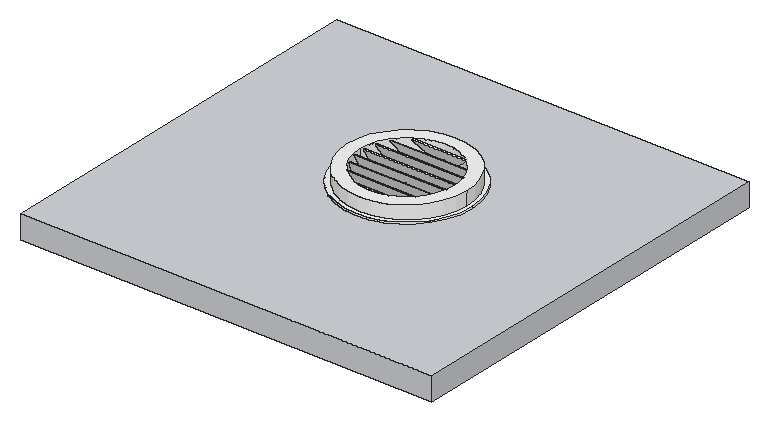
Revit family "111113001403001", category Modelos genéricos, Revit 2018
Family settings
  Anfitrión = Cara
  Puede alojar armadura = No
  Cota de conector redondo = Diámetro de uso
  Tipo de pieza = Normal
  Corte con vacíos al cargar = No
  Compartido = No
  Punto de cálculo de habitación = No
Parameters (values of type "CELOSIA SIDING CIRCULAR PE 40.6CM BLANCO")
  Ventajas = ""
  Uso = "Se utiliza como ventilación para las cumbreras y construcciones con Revestimiento\r\nVinílico (Siding)"
  Url Ficha tecnica = "https://empresascnp.cl/wp-content/uploads//pdf/ficha-tecnica-celosia-siding-circular-pe-40-6cm-blanco.pdf"
  Unidad = "Por unidad"
  URL = "https://www.empresascnp.cl/"
  Num SKUs = "111113001403001"
  Nombre SKU = "CELOSIA SIDING CIRCULAR PE 40.6CM BLANCO"
  Model = "CELOSIA SIDING CIRCULAR"
  Material = PP Blanco
  Largo = 406.00 mm
  Espesor = 1.00 mm
  Empresa = "CNP SPA."
  Elevación por defecto = 1000.00 mm
  Dureza = ""
  Dimension = 406.00 mm
  Description = ""
  Assembly Code = ""
  Contacto = "info@empresascnp.cl"
  Color = "Blanco"
  Aplicacion = ""
Reference planes
  plane 1: z = 0
  plane 2 "level above": z = 15
  plane 3 "level below": z = -50
  plane 4 "izq": x = -176.738
  plane 5: y = 105.02
  plane 6: x = -1.738
  plane 7: x = 8.262
  plane 8: x = -11.738
  plane 9: y = -19.98
  plane 10 "2": x = 173.262
Forms (mm)
  Extrusion 1, solid
    sketch origin (0, 0, 0) x (1, 0, 0) y (0, 1, 0)
      loop
        line (-644.525, 571.5) -> (-644.525, -666.75) -> (644.525, -666.75) -> (644.525, 571.5) -> (-644.525, 571.5)
    from 0 to -72.672
  Revolve 2, void, not visible
    sketch origin (-150.829, 0, 5) x (-1, 0, 0) y (0, 1, 0)
      loop
        line (-149.164, 92.939) -> (-149.164, 94.562) -> (-184.164, 94.562) -> (-184.164, 77.939) -> (-164.164, 77.939)
        arc (-164.164, 77.939) -> (-159.771, 88.545) -> (-149.164, 92.939) r 15
      axis (-149.164, 94.562) -> (-149.164, 77.939)
    angle from 0 to -90
  Extrusion 3, solid, not visible
    sketch origin (-176.738, 0, 5) x (0, 1, 0) y (0, 0, 1)
      loop
        line (77.939, 15) -> (77.939, 0) -> (92.939, 0)
        arc (92.939, 0) -> (88.545, 10.607) -> (77.939, 15) r 15
    from 12.574 to 190.074
  Revolve 4, void, not visible
    sketch origin (0, 0, 5) x (1, 0, 0) y (0, 1, 0)
      loop
        line (-149.164, 92.939) -> (-149.164, 94.493) -> (-184.164, 94.493) -> (-184.164, 77.939) -> (-164.164, 77.939)
        arc (-164.164, 77.939) -> (-159.771, 88.545) -> (-149.164, 92.939) r 15
      axis (-149.164, 94.493) -> (-149.164, 77.939)
    angle from 0 to -90
  Extrusion 5, solid, material "PP Blanco" <- "Material"
    sketch origin (66.142, -658.985, -15) x (1, 0, 0) y (0, 1, 0)
      loop
        line (-70.397, 853.101) -> (-70.397, 553.101) -> (-65.397, 553.101) -> (-65.397, 853.101) -> (-70.397, 853.101)
    from 15 to 20
  Extrusion 6, solid, material "PP Blanco" <- "Material"
    sketch origin (-100.628, 171.13, 25.675) x (1, 0, 0) y (0, 0.48481, -0.87462)
      loop
        line (-5.902, 24.811) -> (-5.902, -18.126) -> (206.18, -18.126) -> (206.18, 24.811) -> (-5.902, 24.811)
    from 1.407 to 3.994
  Extrusion 7, solid, material "PP Blanco" <- "Material"
    sketch origin (50.391, 147.088, -15) x (1, 0, 0) y (0, 1, 0)
      loop
        circle (-52.129, -103.18) r 203
      loop
        circle (-52.129, -103.18) r 188
    from 15 to 20
  Extrusion 8, solid, material "PP Blanco" <- "Material"
    sketch origin (50.391, 147.088, -15) x (1, 0, 0) y (0, 1, 0)
      loop
        circle (-52.129, -103.18) r 188
      loop
        circle (-52.129, -103.18) r 148
    from 15 to 60
  Extrusion 9, void
    sketch origin (50.391, 147.088, -15) x (1, 0, 0) y (0, 1, 0)
      loop
        circle (-52.129, -103.18) r 188
      loop
        circle (-52.129, -103.18) r 148
    from 15 to 60
  Extrusion 10, solid, material "PP Blanco" <- "Material"
    sketch origin (-100.628, -88.87, 25.675) x (1, 0, 0) y (0, 0.48481, -0.87462)
      loop
        line (-14.796, 24.811) -> (-14.796, -18.126) -> (206.18, -18.126) -> (206.18, 24.811) -> (-14.796, 24.811)
    from 1.407 to 3.994
  Extrusion 11, solid, material "PP Blanco" <- "Material"
    sketch origin (-100.628, 133.988, 25.675) x (1, 0, 0) y (0, 0.48481, -0.87462)
      loop
        line (-41.873, 24.811) -> (-41.873, -18.126) -> (239.098, -18.126) -> (239.098, 24.811) -> (-41.873, 24.811)
    from 1.407 to 3.994
  Extrusion 12, solid, material "PP Blanco" <- "Material"
    sketch origin (-100.628, 96.845, 25.675) x (1, 0, 0) y (0, 0.48481, -0.87462)
      loop
        line (-60.247, 24.811) -> (-60.247, -18.126) -> (255.625, -18.126) -> (255.625, 24.811) -> (-60.247, 24.811)
    from 1.407 to 3.994
  Extrusion 13, solid, material "PP Blanco" <- "Material"
    sketch origin (-100.628, 59.702, 25.675) x (1, 0, 0) y (0, 0.48481, -0.87462)
      loop
        line (-60.247, 24.811) -> (-60.247, -18.126) -> (255.625, -18.126) -> (255.625, 24.811) -> (-60.247, 24.811)
    from 1.407 to 3.994
  Extrusion 14, solid, material "PP Blanco" <- "Material"
    sketch origin (-100.628, 22.559, 25.675) x (1, 0, 0) y (0, 0.48481, -0.87462)
      loop
        line (-60.247, 24.811) -> (-60.247, -18.126) -> (255.625, -18.126) -> (255.625, 24.811) -> (-60.247, 24.811)
    from 1.407 to 3.994
  Extrusion 15, solid, material "PP Blanco" <- "Material"
    sketch origin (-100.628, -14.584, 25.675) x (1, 0, 0) y (0, 0.48481, -0.87462)
      loop
        line (-60.247, 24.811) -> (-60.247, -18.126) -> (255.625, -18.126) -> (255.625, 24.811) -> (-60.247, 24.811)
    from 1.407 to 3.994
  Extrusion 16, solid, material "PP Blanco" <- "Material"
    sketch origin (-100.628, -51.727, 25.675) x (1, 0, 0) y (0, 0.48481, -0.87462)
      loop
        line (-41.873, 24.811) -> (-41.873, -18.126) -> (239.098, -18.126) -> (239.098, 24.811) -> (-41.873, 24.811)
    from 1.407 to 3.994
Cuts and joins
  Extrusion 9 cuts Extrusion 6
  Extrusion 9 cuts Extrusion 11
  Extrusion 9 cuts Extrusion 12
  Extrusion 9 cuts Extrusion 13
  Extrusion 9 cuts Extrusion 14
  Extrusion 9 cuts Extrusion 15
  Extrusion 9 cuts Extrusion 16
  Extrusion 9 cuts Extrusion 10
Lines and regions (mm)
  model lines, not visible
    curve 1: line (-164.164, 92.939, 0) -> (13.336, 92.939, 0)
    curve 2: line (13.336, 92.939, 0) -> (13.336, 77.939, 0)
    curve 3: line (13.336, 77.939, 0) -> (-164.164, 77.939, 0)
    curve 4: line (-164.164, 77.939, 0) -> (-164.164, 92.939, 0)
Dimensions and locks
  locked: plane 2 "level above" to level at 15
  locked: level to plane 3 "level below" at 50
  plane 9 to plane 5 = 125.00 mm
  equal spacing: plane 4 "izq", plane 6, plane 10 "2"
  plane 8 to plane 6 to plane 7 = 10.00 mm locked, 10.00 mm locked
  aligned and locked: plane 1 to Extrusion 1
  aligned and locked: level to Extrusion 1
Automatic sketch dimensions
  Extrusion 1 sketch curve to Extrusion 1 sketch curve = 1289.05 mm
  Extrusion 1 sketch curve to Extrusion 1 sketch curve = 1238.25 mm
  Extrusion 7 sketch curve to plane 10 "2" = 175.00 mm
  Extrusion 7 sketch curve to plane 9 = 63.888 mm
  Extrusion 7 sketch curve to Extrusion 7 sketch curve = 0.00 mm  (x2)
  Extrusion 8 sketch curve to plane 10 "2" = 175.00 mm
  Extrusion 8 sketch curve to plane 9 = 63.888 mm
  Extrusion 8 sketch curve to Extrusion 8 sketch curve = 0.00 mm  (x2)
  Extrusion 9 sketch curve to Extrusion 9 sketch curve = 0.00 mm  (x2)
  Extrusion 9 sketch curve to plane 10 "2" = 175.00 mm
  Extrusion 9 sketch curve to plane 9 = 63.888 mm
  Extrusion 6 sketch curve to Extrusion 6 sketch curve = 42.938 mm
  Extrusion 6 sketch curve to Extrusion 6 sketch curve = 212.082 mm
  Extrusion 10 sketch curve to Extrusion 10 sketch curve = 42.938 mm
  Extrusion 10 sketch curve to Extrusion 10 sketch curve = 220.976 mm
  Extrusion 11 sketch curve to Extrusion 11 sketch curve = 42.938 mm
  Extrusion 11 sketch curve to Extrusion 11 sketch curve = 280.971 mm
  Extrusion 12 sketch curve to Extrusion 12 sketch curve = 42.938 mm
  Extrusion 12 sketch curve to Extrusion 12 sketch curve = 315.871 mm
  Extrusion 13 sketch curve to Extrusion 13 sketch curve = 42.938 mm
  Extrusion 13 sketch curve to Extrusion 13 sketch curve = 315.871 mm
  Extrusion 14 sketch curve to Extrusion 14 sketch curve = 42.938 mm
  Extrusion 14 sketch curve to Extrusion 14 sketch curve = 315.871 mm
  Extrusion 15 sketch curve to Extrusion 15 sketch curve = 42.938 mm
  Extrusion 15 sketch curve to Extrusion 15 sketch curve = 315.871 mm
  Extrusion 16 sketch curve to Extrusion 16 sketch curve = 42.938 mm
  Extrusion 16 sketch curve to Extrusion 16 sketch curve = 280.971 mm
  Extrusion 6 sketch curve to plane 10 "2" = 279.792 mm
  Extrusion 10 sketch curve to plane 10 "2" = 288.686 mm
  Extrusion 11 sketch curve to plane 10 "2" = 315.763 mm
  Extrusion 12 sketch curve to plane 10 "2" = 334.137 mm
  Extrusion 13 sketch curve to plane 10 "2" = 334.137 mm
  Extrusion 14 sketch curve to plane 10 "2" = 334.137 mm
  Extrusion 15 sketch curve to plane 10 "2" = 334.137 mm
  Extrusion 16 sketch curve to plane 10 "2" = 315.763 mm
  plane 6 to Extrusion 5 sketch curve = 2.518 mm
  Extrusion 5 sketch curve to plane 6 = 2.482 mm
  plane 9 to Extrusion 5 sketch curve = 85.905 mm
  Extrusion 5 sketch curve to plane 5 = 89.095 mm
  radius of Extrusion 7 sketch curve = 203.00 mm
  radius of Extrusion 7 sketch curve = 188.00 mm
  radius of Extrusion 8 sketch curve = 188.00 mm
  radius of Extrusion 8 sketch curve = 148.00 mm
  radius of Extrusion 9 sketch curve = 188.00 mm
  radius of Extrusion 9 sketch curve = 148.00 mm
